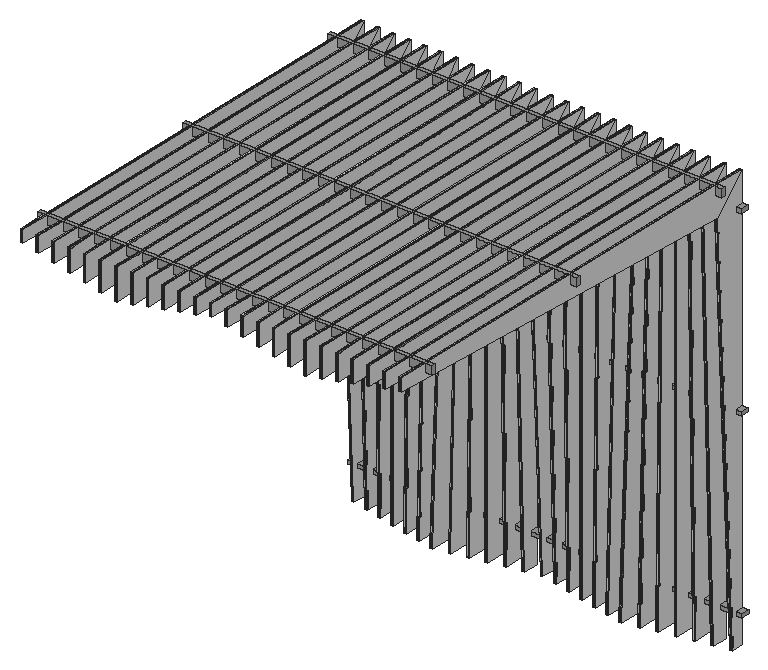
Revit family "SUR-BLD-003_BLADE SURFACES 003_RFA", category Modelos genéricos, Revit 2022
Family settings
  Puede alojar armadura = No
  Cota de conector redondo = Diámetro de uso
  Tipo de pieza = Normal
  Se basa en plano de trabajo = No
  Siempre vertical = Sí
  Corte con vacíos al cargar = No
  Mantener orientación de anotación = No
  Compartido = No
  Punto de cálculo de habitación = No
Parameters
  Elevación por defecto = 0.00"
Reference planes (in)
  plane 1 "Centro (Frontal/Posterior)": y = 0
  plane 2: z = 0
  plane 3 "Centro (Izquierda/Derecha)": x = 0
Forms (in)
  Extrusion 1, solid
    sketch origin (0, 0, 53.70472) x (0, 1, 0) y (0, 0, 1)
      loop
        line (-2.06, -46.19972) -> (0, -46.19972) -> (0, -45.20972) -> (-2.06, -45.20972) -> (-2.06, -46.19972)
    from -1.76378 to 98.23622
  Extrusion 2, solid
    sketch origin (-0.07912, 0, 99.70472) x (0, 1, 0) y (0, 0, 1)
      loop
        line (-2.06, -46.19972) -> (0, -46.19972) -> (0, -45.20972) -> (-2.06, -45.20972) -> (-2.06, -46.19972)
    from -1.68466 to 98.31534
  Extrusion 3, solid
    sketch origin (-0.1193, 0, 145.70472) x (0, 1, 0) y (0, 0, 1)
      loop
        line (-2.06, -46.19972) -> (0, -46.19972) -> (0, -45.20972) -> (-2.06, -45.20972) -> (-2.06, -46.19972)
    from -1.64567 to 98.35433
  Extrusion 4, solid
    sketch origin (0, 0, 54) x (0, 1, 0) y (0, 0, 1)
      loop
        line (-2.98633, -54) -> (0, -54) -> (0, -46.495) -> (-2.06, -46.495) -> (-2.06, -45.505) -> (0, -45.505) -> (0, -0.495) -> (-2.06, -0.495) -> (-2.06, 0.495) -> (0, 0.495) -> (0, 45.505) -> (-2.06, 45.505) -> (-2.06, 46.495) -> (0, 46.495) -> (0, 54) -> (-7.63295, 46.36705) -> (-2.98633, -54)
    from -0.11811 to 0
  Extrusion 5, solid
    sketch origin (0.59055, 0, 54) x (0, 1, 0) y (0, 0, 1)
      loop
        line (-2.98633, -54) -> (0, -54) -> (0, 54) -> (-7.63295, 46.36705) -> (-2.98633, -54)
    from -0.11811 to 0
  Extrusion 6, solid
    sketch origin (0, -13, 54) x (0, 1, 0) y (0, 0, 1)
      loop
        line (-95, 51) -> (5.35398, 46.35398) -> (13, 54) -> (5.495, 54) -> (5.495, 51.94) -> (4.505, 51.94) -> (4.505, 54) -> (-40.505, 54) -> (-40.505, 51.94) -> (-41.495, 51.94) -> (-41.495, 54) -> (-86.505, 54) -> (-86.505, 51.94) -> (-87.495, 51.94) -> (-87.495, 54) -> (-95, 54) -> (-95, 51)
    from -0.11811 to 0
  Extrusion 7, solid
    sketch origin (0.59055, -13, 54) x (0, 1, 0) y (0, 0, 1)
      loop
        line (-95, 51) -> (5.35398, 46.35398) -> (13, 54) -> (5.495, 54) -> (5.495, 51.94) -> (4.505, 51.94) -> (4.505, 54) -> (-40.505, 54) -> (-40.505, 51.94) -> (-41.495, 51.94) -> (-41.495, 54) -> (-86.505, 54) -> (-86.505, 51.94) -> (-87.495, 51.94) -> (-87.495, 54) -> (-95, 54) -> (-95, 51)
    from -0.11811 to 0
  Extrusion 8, solid
    sketch origin (0.47244, -13, 54) x (0, 1, 0) y (0, 0, 1)
      loop
        line (-95, 51) -> (5.35398, 46.35398) -> (13, 54) -> (5.495, 54) -> (5.495, 51.94) -> (4.505, 51.94) -> (4.505, 54) -> (-40.505, 54) -> (-40.505, 51.94) -> (-41.495, 51.94) -> (-41.495, 54) -> (-86.505, 54) -> (-86.505, 51.94) -> (-87.495, 51.94) -> (-87.495, 54) -> (-95, 54) -> (-95, 51)
    from -0.47244 to 0
  Extrusion 9, solid
    sketch origin (0.47244, 0, 54) x (0, 1, 0) y (0, 0, 1)
      loop
        line (-2.98633, -54) -> (0, -54) -> (0, -46.495) -> (-2.06, -46.495) -> (-2.06, -45.505) -> (0, -45.505) -> (0, -0.495) -> (-2.06, -0.495) -> (-2.06, 0.495) -> (0, 0.495) -> (0, 45.505) -> (-2.06, 45.505) -> (-2.06, 46.495) -> (0, 46.495) -> (0, 54) -> (-7.63295, 46.36705) -> (-2.98633, -54)
    from -0.47244 to 0
  Extrusion 10, solid
    sketch origin (4, 0, 54) x (0, 1, 0) y (0, 0, 1)
      loop
        line (-3.79987, -54) -> (0, -54) -> (0, -46.495) -> (-2.06, -46.495) -> (-2.06, -45.505) -> (0, -45.505) -> (0, -0.495) -> (-2.06, -0.495) -> (-2.06, 0.495) -> (0, 0.495) -> (0, 45.505) -> (-2.06, 45.505) -> (-2.06, 46.495) -> (0, 46.495) -> (0, 54) -> (-6.98036, 47.01964) -> (-3.79987, -54)
    from -0.11811 to 0
  Extrusion 11, solid
    sketch origin (4.47244, 0, 54) x (0, 1, 0) y (0, 0, 1)
      loop
        line (-3.79987, -54) -> (0, -54) -> (0, -46.495) -> (-2.06, -46.495) -> (-2.06, -45.505) -> (0, -45.505) -> (0, -0.495) -> (-2.06, -0.495) -> (-2.06, 0.495) -> (0, 0.495) -> (0, 45.505) -> (-2.06, 45.505) -> (-2.06, 46.495) -> (0, 46.495) -> (0, 54) -> (-6.98036, 47.01964) -> (-3.79987, -54)
    from -0.47244 to 0
  Extrusion 12, solid
    sketch origin (4.59055, 0, 54) x (0, 1, 0) y (0, 0, 1)
      loop
        line (-3.79987, -54) -> (0, -54) -> (0, -46.495) -> (-2.06, -46.495) -> (-2.06, -45.505) -> (0, -45.505) -> (0, -0.495) -> (-2.06, -0.495) -> (-2.06, 0.495) -> (0, 0.495) -> (0, 45.505) -> (-2.06, 45.505) -> (-2.06, 46.495) -> (0, 46.495) -> (0, 54) -> (-6.98036, 47.01964) -> (-3.79987, -54)
    from -0.11811 to 0
  Extrusion 13, solid
    sketch origin (4, -13, 54) x (0, 1, 0) y (0, 0, 1)
      loop
        line (-95, 50.20013) -> (6.01964, 47.01964) -> (13, 54) -> (5.495, 54) -> (5.495, 51.94) -> (4.505, 51.94) -> (4.505, 54) -> (-40.505, 54) -> (-40.505, 51.94) -> (-41.495, 51.94) -> (-41.495, 54) -> (-86.505, 54) -> (-86.505, 51.94) -> (-87.495, 51.94) -> (-87.495, 54) -> (-95, 54) -> (-95, 50.20013)
    from -0.11811 to 0
  Extrusion 14, solid
    sketch origin (4.59055, -13, 54) x (0, 1, 0) y (0, 0, 1)
      loop
        line (-95, 50.20013) -> (6.01964, 47.01964) -> (13, 54) -> (5.495, 54) -> (5.495, 51.94) -> (4.505, 51.94) -> (4.505, 54) -> (-40.505, 54) -> (-40.505, 51.94) -> (-41.495, 51.94) -> (-41.495, 54) -> (-86.505, 54) -> (-86.505, 51.94) -> (-87.495, 51.94) -> (-87.495, 54) -> (-95, 54) -> (-95, 50.20013)
    from -0.11811 to 0
  Extrusion 15, solid
    sketch origin (4.47244, -13, 54) x (0, 1, 0) y (0, 0, 1)
      loop
        line (-95, 50.20013) -> (6.01964, 47.01964) -> (13, 54) -> (5.495, 54) -> (5.495, 51.94) -> (4.505, 51.94) -> (4.505, 54) -> (-40.505, 54) -> (-40.505, 51.94) -> (-41.495, 51.94) -> (-41.495, 54) -> (-86.505, 54) -> (-86.505, 51.94) -> (-87.495, 51.94) -> (-87.495, 54) -> (-95, 54) -> (-95, 50.20013)
    from -0.47244 to 0
  Extrusion 16, solid
    sketch origin (8, 0, 54) x (0, 1, 0) y (0, 0, 1)
      loop
        line (-4.64993, -54) -> (0, -54) -> (0, -46.495) -> (-2.06, -46.495) -> (-2.06, -45.505) -> (0, -45.505) -> (0, -0.495) -> (-2.06, -0.495) -> (-2.06, 0.495) -> (0, 0.495) -> (0, 45.505) -> (-2.06, 45.505) -> (-2.06, 46.495) -> (0, 46.495) -> (0, 54) -> (-6.25165, 47.74835) -> (-4.64993, -54)
    from -0.11811 to 0
  Extrusion 17, solid
    sketch origin (8.47244, 0, 54) x (0, 1, 0) y (0, 0, 1)
      loop
        line (-4.64993, -54) -> (0, -54) -> (0, -46.495) -> (-2.06, -46.495) -> (-2.06, -45.505) -> (0, -45.505) -> (0, -0.495) -> (-2.06, -0.495) -> (-2.06, 0.495) -> (0, 0.495) -> (0, 45.505) -> (-2.06, 45.505) -> (-2.06, 46.495) -> (0, 46.495) -> (0, 54) -> (-6.25165, 47.74835) -> (-4.64993, -54)
    from -0.47244 to 0
  Extrusion 18, solid
    sketch origin (8.59055, 0, 54) x (0, 1, 0) y (0, 0, 1)
      loop
        line (-4.64993, -54) -> (0, -54) -> (0, -46.495) -> (-2.06, -46.495) -> (-2.06, -45.505) -> (0, -45.505) -> (0, -0.495) -> (-2.06, -0.495) -> (-2.06, 0.495) -> (0, 0.495) -> (0, 45.505) -> (-2.06, 45.505) -> (-2.06, 46.495) -> (0, 46.495) -> (0, 54) -> (-6.25165, 47.74835) -> (-4.64993, -54)
    from -0.11811 to 0
  Extrusion 19, solid
    sketch origin (8, -13, 54) x (0, 1, 0) y (0, 0, 1)
      loop
        line (-95, 49.35007) -> (6.74835, 47.74835) -> (13, 54) -> (5.495, 54) -> (5.495, 51.94) -> (4.505, 51.94) -> (4.505, 54) -> (-40.505, 54) -> (-40.505, 51.94) -> (-41.495, 51.94) -> (-41.495, 54) -> (-86.505, 54) -> (-86.505, 51.94) -> (-87.495, 51.94) -> (-87.495, 54) -> (-95, 54) -> (-95, 49.35007)
    from -0.11811 to 0
  Extrusion 20, solid
    sketch origin (8.59055, -13, 54) x (0, 1, 0) y (0, 0, 1)
      loop
        line (-95, 49.35007) -> (6.74835, 47.74835) -> (13, 54) -> (5.495, 54) -> (5.495, 51.94) -> (4.505, 51.94) -> (4.505, 54) -> (-40.505, 54) -> (-40.505, 51.94) -> (-41.495, 51.94) -> (-41.495, 54) -> (-86.505, 54) -> (-86.505, 51.94) -> (-87.495, 51.94) -> (-87.495, 54) -> (-95, 54) -> (-95, 49.35007)
    from -0.11811 to 0
  Extrusion 21, solid
    sketch origin (8.47244, -13, 54) x (0, 1, 0) y (0, 0, 1)
      loop
        line (-95, 49.35007) -> (6.74835, 47.74835) -> (13, 54) -> (5.495, 54) -> (5.495, 51.94) -> (4.505, 51.94) -> (4.505, 54) -> (-40.505, 54) -> (-40.505, 51.94) -> (-41.495, 51.94) -> (-41.495, 54) -> (-86.505, 54) -> (-86.505, 51.94) -> (-87.495, 51.94) -> (-87.495, 54) -> (-95, 54) -> (-95, 49.35007)
    from -0.47244 to 0
  Extrusion 22, solid
    sketch origin (12, 0, 54) x (0, 1, 0) y (0, 0, 1)
      loop
        line (-5.5, -54) -> (0, -54) -> (0, -46.495) -> (-2.06, -46.495) -> (-2.06, -45.505) -> (0, -45.505) -> (0, -0.495) -> (-2.06, -0.495) -> (-2.06, 0.495) -> (0, 0.495) -> (0, 45.505) -> (-2.06, 45.505) -> (-2.06, 46.495) -> (0, 46.495) -> (0, 54) -> (-5.5, 48.5) -> (-5.5, -54)
    from -0.11811 to 0
  Extrusion 23, solid
    sketch origin (12.47244, 0, 54) x (0, 1, 0) y (0, 0, 1)
      loop
        line (-5.5, -54) -> (0, -54) -> (0, -46.495) -> (-2.06, -46.495) -> (-2.06, -45.505) -> (0, -45.505) -> (0, -0.495) -> (-2.06, -0.495) -> (-2.06, 0.495) -> (0, 0.495) -> (0, 45.505) -> (-2.06, 45.505) -> (-2.06, 46.495) -> (0, 46.495) -> (0, 54) -> (-5.5, 48.5) -> (-5.5, -54)
    from -0.47244 to 0
  Extrusion 24, solid
    sketch origin (12.59055, 0, 54) x (0, 1, 0) y (0, 0, 1)
      loop
        line (-5.5, -54) -> (0, -54) -> (0, -46.495) -> (-2.06, -46.495) -> (-2.06, -45.505) -> (0, -45.505) -> (0, -0.495) -> (-2.06, -0.495) -> (-2.06, 0.495) -> (0, 0.495) -> (0, 45.505) -> (-2.06, 45.505) -> (-2.06, 46.495) -> (0, 46.495) -> (0, 54) -> (-5.5, 48.5) -> (-5.5, -54)
    from -0.11811 to 0
  Extrusion 25, solid
    sketch origin (12, -13, 54) x (0, 1, 0) y (0, 0, 1)
      loop
        line (-95, 48.5) -> (7.5, 48.5) -> (13, 54) -> (5.495, 54) -> (5.495, 51.94) -> (4.505, 51.94) -> (4.505, 54) -> (-40.505, 54) -> (-40.505, 51.94) -> (-41.495, 51.94) -> (-41.495, 54) -> (-86.505, 54) -> (-86.505, 51.94) -> (-87.495, 51.94) -> (-87.495, 54) -> (-95, 54) -> (-95, 48.5)
    from -0.11811 to 0
  Extrusion 26, solid
    sketch origin (12.59055, -13, 54) x (0, 1, 0) y (0, 0, 1)
      loop
        line (-95, 48.5) -> (7.5, 48.5) -> (13, 54) -> (5.495, 54) -> (5.495, 51.94) -> (4.505, 51.94) -> (4.505, 54) -> (-40.505, 54) -> (-40.505, 51.94) -> (-41.495, 51.94) -> (-41.495, 54) -> (-86.505, 54) -> (-86.505, 51.94) -> (-87.495, 51.94) -> (-87.495, 54) -> (-95, 54) -> (-95, 48.5)
    from -0.11811 to 0
  Extrusion 27, solid
    sketch origin (12.47244, -13, 54) x (0, 1, 0) y (0, 0, 1)
      loop
        line (-95, 48.5) -> (7.5, 48.5) -> (13, 54) -> (5.495, 54) -> (5.495, 51.94) -> (4.505, 51.94) -> (4.505, 54) -> (-40.505, 54) -> (-40.505, 51.94) -> (-41.495, 51.94) -> (-41.495, 54) -> (-86.505, 54) -> (-86.505, 51.94) -> (-87.495, 51.94) -> (-87.495, 54) -> (-95, 54) -> (-95, 48.5)
    from -0.47244 to 0
  Extrusion 28, solid
    sketch origin (16, 0, 54) x (0, 1, 0) y (0, 0, 1)
      loop
        line (-6.35007, -54) -> (0, -54) -> (0, -46.495) -> (-2.06, -46.495) -> (-2.06, -45.505) -> (0, -45.505) -> (0, -0.495) -> (-2.06, -0.495) -> (-2.06, 0.495) -> (0, 0.495) -> (0, 45.505) -> (-2.06, 45.505) -> (-2.06, 46.495) -> (0, 46.495) -> (0, 54) -> (-4.7243, 49.2757) -> (-6.35007, -54)
    from -0.11811 to 0
  Extrusion 29, solid
    sketch origin (16.47244, 0, 54) x (0, 1, 0) y (0, 0, 1)
      loop
        line (-6.35007, -54) -> (0, -54) -> (0, -46.495) -> (-2.06, -46.495) -> (-2.06, -45.505) -> (0, -45.505) -> (0, -0.495) -> (-2.06, -0.495) -> (-2.06, 0.495) -> (0, 0.495) -> (0, 45.505) -> (-2.06, 45.505) -> (-2.06, 46.495) -> (0, 46.495) -> (0, 54) -> (-4.7243, 49.2757) -> (-6.35007, -54)
    from -0.47244 to 0
  Extrusion 30, solid
    sketch origin (16.59055, 0, 54) x (0, 1, 0) y (0, 0, 1)
      loop
        line (-6.35007, -54) -> (0, -54) -> (0, -46.495) -> (-2.06, -46.495) -> (-2.06, -45.505) -> (0, -45.505) -> (0, -0.495) -> (-2.06, -0.495) -> (-2.06, 0.495) -> (0, 0.495) -> (0, 45.505) -> (-2.06, 45.505) -> (-2.06, 46.495) -> (0, 46.495) -> (0, 54) -> (-4.7243, 49.2757) -> (-6.35007, -54)
    from -0.11811 to 0
  Extrusion 31, solid
    sketch origin (16, -13, 54) x (0, 1, 0) y (0, 0, 1)
      loop
        line (-95, 47.64993) -> (8.2757, 49.2757) -> (13, 54) -> (5.495, 54) -> (5.495, 51.94) -> (4.505, 51.94) -> (4.505, 54) -> (-40.505, 54) -> (-40.505, 51.94) -> (-41.495, 51.94) -> (-41.495, 54) -> (-86.505, 54) -> (-86.505, 51.94) -> (-87.495, 51.94) -> (-87.495, 54) -> (-95, 54) -> (-95, 47.64993)
    from -0.11811 to 0
  Extrusion 32, solid
    sketch origin (16.59055, -13, 54) x (0, 1, 0) y (0, 0, 1)
      loop
        line (-95, 47.64993) -> (8.2757, 49.2757) -> (13, 54) -> (5.495, 54) -> (5.495, 51.94) -> (4.505, 51.94) -> (4.505, 54) -> (-40.505, 54) -> (-40.505, 51.94) -> (-41.495, 51.94) -> (-41.495, 54) -> (-86.505, 54) -> (-86.505, 51.94) -> (-87.495, 51.94) -> (-87.495, 54) -> (-95, 54) -> (-95, 47.64993)
    from -0.11811 to 0
  Extrusion 33, solid
    sketch origin (16.47244, -13, 54) x (0, 1, 0) y (0, 0, 1)
      loop
        line (-95, 47.64993) -> (8.2757, 49.2757) -> (13, 54) -> (5.495, 54) -> (5.495, 51.94) -> (4.505, 51.94) -> (4.505, 54) -> (-40.505, 54) -> (-40.505, 51.94) -> (-41.495, 51.94) -> (-41.495, 54) -> (-86.505, 54) -> (-86.505, 51.94) -> (-87.495, 51.94) -> (-87.495, 54) -> (-95, 54) -> (-95, 47.64993)
    from -0.47244 to 0
  Extrusion 34, solid
    sketch origin (20, 0, 54) x (0, 1, 0) y (0, 0, 1)
      loop
        line (-7.20013, -54) -> (0, -54) -> (0, -46.495) -> (-2.06, -46.495) -> (-2.06, -45.505) -> (0, -45.505) -> (0, -0.495) -> (-2.06, -0.495) -> (-2.06, 0.495) -> (0, 0.495) -> (0, 45.505) -> (-2.06, 45.505) -> (-2.06, 46.495) -> (0, 46.495) -> (0, 54) -> (-3.92339, 50.07661) -> (-7.20013, -54)
    from -0.11811 to 0
  Extrusion 35, solid
    sketch origin (20.47244, 0, 54) x (0, 1, 0) y (0, 0, 1)
      loop
        line (-7.20013, -54) -> (0, -54) -> (0, -46.495) -> (-2.06, -46.495) -> (-2.06, -45.505) -> (0, -45.505) -> (0, -0.495) -> (-2.06, -0.495) -> (-2.06, 0.495) -> (0, 0.495) -> (0, 45.505) -> (-2.06, 45.505) -> (-2.06, 46.495) -> (0, 46.495) -> (0, 54) -> (-3.92339, 50.07661) -> (-7.20013, -54)
    from -0.47244 to 0
  Extrusion 36, solid
    sketch origin (20.59055, 0, 54) x (0, 1, 0) y (0, 0, 1)
      loop
        line (-7.20013, -54) -> (0, -54) -> (0, -46.495) -> (-2.06, -46.495) -> (-2.06, -45.505) -> (0, -45.505) -> (0, -0.495) -> (-2.06, -0.495) -> (-2.06, 0.495) -> (0, 0.495) -> (0, 45.505) -> (-2.06, 45.505) -> (-2.06, 46.495) -> (0, 46.495) -> (0, 54) -> (-3.92339, 50.07661) -> (-7.20013, -54)
    from -0.11811 to 0
  Extrusion 37, solid
    sketch origin (20, -13, 54) x (0, 1, 0) y (0, 0, 1)
      loop
        line (-95, 46.79987) -> (9.07661, 50.07661) -> (13, 54) -> (5.495, 54) -> (5.495, 51.94) -> (4.505, 51.94) -> (4.505, 54) -> (-40.505, 54) -> (-40.505, 51.94) -> (-41.495, 51.94) -> (-41.495, 54) -> (-86.505, 54) -> (-86.505, 51.94) -> (-87.495, 51.94) -> (-87.495, 54) -> (-95, 54) -> (-95, 46.79987)
    from -0.11811 to 0
  Extrusion 38, solid
    sketch origin (20.59055, -13, 54) x (0, 1, 0) y (0, 0, 1)
      loop
        line (-95, 46.79987) -> (9.07661, 50.07661) -> (13, 54) -> (5.495, 54) -> (5.495, 51.94) -> (4.505, 51.94) -> (4.505, 54) -> (-40.505, 54) -> (-40.505, 51.94) -> (-41.495, 51.94) -> (-41.495, 54) -> (-86.505, 54) -> (-86.505, 51.94) -> (-87.495, 51.94) -> (-87.495, 54) -> (-95, 54) -> (-95, 46.79987)
    from -0.11811 to 0
  Extrusion 39, solid
    sketch origin (20.47244, -13, 54) x (0, 1, 0) y (0, 0, 1)
      loop
        line (-95, 46.79987) -> (9.07661, 50.07661) -> (13, 54) -> (5.495, 54) -> (5.495, 51.94) -> (4.505, 51.94) -> (4.505, 54) -> (-40.505, 54) -> (-40.505, 51.94) -> (-41.495, 51.94) -> (-41.495, 54) -> (-86.505, 54) -> (-86.505, 51.94) -> (-87.495, 51.94) -> (-87.495, 54) -> (-95, 54) -> (-95, 46.79987)
    from -0.47244 to 0
  Extrusion 40, solid
    sketch origin (24, 0, 54) x (0, 1, 0) y (0, 0, 1)
      loop
        line (-8, -54) -> (0, -54) -> (0, -46.495) -> (-2.06, -46.495) -> (-2.06, -45.505) -> (0, -45.505) -> (0, -0.495) -> (-2.06, -0.495) -> (-2.06, 0.495) -> (0, 0.495) -> (0, 45.505) -> (-2.06, 45.505) -> (-2.06, 46.495) -> (0, 46.495) -> (0, 54) -> (-3.14563, 50.85437) -> (-8, -54)
    from -0.11811 to 0
  Extrusion 41, solid
    sketch origin (24.47244, 0, 54) x (0, 1, 0) y (0, 0, 1)
      loop
        line (-8, -54) -> (0, -54) -> (0, -46.495) -> (-2.06, -46.495) -> (-2.06, -45.505) -> (0, -45.505) -> (0, -0.495) -> (-2.06, -0.495) -> (-2.06, 0.495) -> (0, 0.495) -> (0, 45.505) -> (-2.06, 45.505) -> (-2.06, 46.495) -> (0, 46.495) -> (0, 54) -> (-3.14563, 50.85437) -> (-8, -54)
    from -0.47244 to 0
  Extrusion 42, solid
    sketch origin (24.59055, 0, 54) x (0, 1, 0) y (0, 0, 1)
      loop
        line (-8, -54) -> (0, -54) -> (0, -46.495) -> (-2.06, -46.495) -> (-2.06, -45.505) -> (0, -45.505) -> (0, -0.495) -> (-2.06, -0.495) -> (-2.06, 0.495) -> (0, 0.495) -> (0, 45.505) -> (-2.06, 45.505) -> (-2.06, 46.495) -> (0, 46.495) -> (0, 54) -> (-3.14563, 50.85437) -> (-8, -54)
    from -0.11811 to 0
  Extrusion 43, solid
    sketch origin (24, -13, 54) x (0, 1, 0) y (0, 0, 1)
      loop
        line (-95, 46) -> (9.85437, 50.85437) -> (13, 54) -> (5.495, 54) -> (5.495, 51.94) -> (4.505, 51.94) -> (4.505, 54) -> (-40.505, 54) -> (-40.505, 51.94) -> (-41.495, 51.94) -> (-41.495, 54) -> (-86.505, 54) -> (-86.505, 51.94) -> (-87.495, 51.94) -> (-87.495, 54) -> (-95, 54) -> (-95, 46)
    from -0.11811 to 0
  Extrusion 44, solid
    sketch origin (24.59055, -13, 54) x (0, 1, 0) y (0, 0, 1)
      loop
        line (-95, 46) -> (9.85437, 50.85437) -> (13, 54) -> (5.495, 54) -> (5.495, 51.94) -> (4.505, 51.94) -> (4.505, 54) -> (-40.505, 54) -> (-40.505, 51.94) -> (-41.495, 51.94) -> (-41.495, 54) -> (-86.505, 54) -> (-86.505, 51.94) -> (-87.495, 51.94) -> (-87.495, 54) -> (-95, 54) -> (-95, 46)
    from -0.11811 to 0
  Extrusion 45, solid
    sketch origin (24.47244, -13, 54) x (0, 1, 0) y (0, 0, 1)
      loop
        line (-95, 46) -> (9.85437, 50.85437) -> (13, 54) -> (5.495, 54) -> (5.495, 51.94) -> (4.505, 51.94) -> (4.505, 54) -> (-40.505, 54) -> (-40.505, 51.94) -> (-41.495, 51.94) -> (-41.495, 54) -> (-86.505, 54) -> (-86.505, 51.94) -> (-87.495, 51.94) -> (-87.495, 54) -> (-95, 54) -> (-95, 46)
    from -0.47244 to 0
  Extrusion 46, solid, not visible
    sketch origin (0, -13, 54) x (0, 1, 0) y (0, 0, 1)
      loop
        line (-95, 51) -> (5.35398, 46.35398) -> (13, 54) -> (5.495, 54) -> (5.495, 51.94) -> (4.505, 51.94) -> (4.505, 54) -> (-40.505, 54) -> (-40.505, 51.94) -> (-41.495, 51.94) -> (-41.495, 54) -> (-86.505, 54) -> (-86.505, 51.94) -> (-87.495, 51.94) -> (-87.495, 54) -> (-95, 54) -> (-95, 51)
    from -0.11811 to 0
  Extrusion 47, solid, not visible
    sketch origin (0.59055, -13, 54) x (0, 1, 0) y (0, 0, 1)
      loop
        line (-95, 51) -> (5.35398, 46.35398) -> (13, 54) -> (5.495, 54) -> (5.495, 51.94) -> (4.505, 51.94) -> (4.505, 54) -> (-40.505, 54) -> (-40.505, 51.94) -> (-41.495, 51.94) -> (-41.495, 54) -> (-86.505, 54) -> (-86.505, 51.94) -> (-87.495, 51.94) -> (-87.495, 54) -> (-95, 54) -> (-95, 51)
    from -0.11811 to 0
  Extrusion 48, solid, not visible
    sketch origin (0.47244, -13, 54) x (0, 1, 0) y (0, 0, 1)
      loop
        line (-95, 51) -> (5.35398, 46.35398) -> (13, 54) -> (5.495, 54) -> (5.495, 51.94) -> (4.505, 51.94) -> (4.505, 54) -> (-40.505, 54) -> (-40.505, 51.94) -> (-41.495, 51.94) -> (-41.495, 54) -> (-86.505, 54) -> (-86.505, 51.94) -> (-87.495, 51.94) -> (-87.495, 54) -> (-95, 54) -> (-95, 51)
    from -0.47244 to 0
  Extrusion 49, solid, not visible
    sketch origin (0, 0, 54) x (0, 1, 0) y (0, 0, 1)
      loop
        line (-2.98633, -54) -> (0, -54) -> (0, -46.495) -> (-2.06, -46.495) -> (-2.06, -45.505) -> (0, -45.505) -> (0, -0.495) -> (-2.06, -0.495) -> (-2.06, 0.495) -> (0, 0.495) -> (0, 45.505) -> (-2.06, 45.505) -> (-2.06, 46.495) -> (0, 46.495) -> (0, 54) -> (-7.63295, 46.36705) -> (-2.98633, -54)
    from -0.11811 to 0
  Extrusion 50, solid, not visible
    sketch origin (0.59055, 0, 54) x (0, 1, 0) y (0, 0, 1)
      loop
        line (-2.98633, -54) -> (0, -54) -> (0, 54) -> (-7.63295, 46.36705) -> (-2.98633, -54)
    from -0.11811 to 0
  Extrusion 51, solid, not visible
    sketch origin (0.47244, 0, 54) x (0, 1, 0) y (0, 0, 1)
      loop
        line (-2.98633, -54) -> (0, -54) -> (0, -46.495) -> (-2.06, -46.495) -> (-2.06, -45.505) -> (0, -45.505) -> (0, -0.495) -> (-2.06, -0.495) -> (-2.06, 0.495) -> (0, 0.495) -> (0, 45.505) -> (-2.06, 45.505) -> (-2.06, 46.495) -> (0, 46.495) -> (0, 54) -> (-7.63295, 46.36705) -> (-2.98633, -54)
    from -0.47244 to 0
  Extrusion 52, solid, not visible
    sketch origin (4, -13, 54) x (0, 1, 0) y (0, 0, 1)
      loop
        line (-95, 50.20013) -> (6.01964, 47.01964) -> (13, 54) -> (5.495, 54) -> (5.495, 51.94) -> (4.505, 51.94) -> (4.505, 54) -> (-40.505, 54) -> (-40.505, 51.94) -> (-41.495, 51.94) -> (-41.495, 54) -> (-86.505, 54) -> (-86.505, 51.94) -> (-87.495, 51.94) -> (-87.495, 54) -> (-95, 54) -> (-95, 50.20013)
    from -0.11811 to 0
  Extrusion 53, solid, not visible
    sketch origin (4.59055, -13, 54) x (0, 1, 0) y (0, 0, 1)
      loop
        line (-95, 50.20013) -> (6.01964, 47.01964) -> (13, 54) -> (5.495, 54) -> (5.495, 51.94) -> (4.505, 51.94) -> (4.505, 54) -> (-40.505, 54) -> (-40.505, 51.94) -> (-41.495, 51.94) -> (-41.495, 54) -> (-86.505, 54) -> (-86.505, 51.94) -> (-87.495, 51.94) -> (-87.495, 54) -> (-95, 54) -> (-95, 50.20013)
    from -0.11811 to 0
  Extrusion 54, solid, not visible
    sketch origin (4.47244, -13, 54) x (0, 1, 0) y (0, 0, 1)
      loop
        line (-95, 50.20013) -> (6.01964, 47.01964) -> (13, 54) -> (5.495, 54) -> (5.495, 51.94) -> (4.505, 51.94) -> (4.505, 54) -> (-40.505, 54) -> (-40.505, 51.94) -> (-41.495, 51.94) -> (-41.495, 54) -> (-86.505, 54) -> (-86.505, 51.94) -> (-87.495, 51.94) -> (-87.495, 54) -> (-95, 54) -> (-95, 50.20013)
    from -0.47244 to 0
  Extrusion 55, solid, not visible
    sketch origin (4, 0, 54) x (0, 1, 0) y (0, 0, 1)
      loop
        line (-3.79987, -54) -> (0, -54) -> (0, -46.495) -> (-2.06, -46.495) -> (-2.06, -45.505) -> (0, -45.505) -> (0, -0.495) -> (-2.06, -0.495) -> (-2.06, 0.495) -> (0, 0.495) -> (0, 45.505) -> (-2.06, 45.505) -> (-2.06, 46.495) -> (0, 46.495) -> (0, 54) -> (-6.98036, 47.01964) -> (-3.79987, -54)
    from -0.11811 to 0
  Extrusion 56, solid, not visible
    sketch origin (4.47244, 0, 54) x (0, 1, 0) y (0, 0, 1)
      loop
        line (-3.79987, -54) -> (0, -54) -> (0, -46.495) -> (-2.06, -46.495) -> (-2.06, -45.505) -> (0, -45.505) -> (0, -0.495) -> (-2.06, -0.495) -> (-2.06, 0.495) -> (0, 0.495) -> (0, 45.505) -> (-2.06, 45.505) -> (-2.06, 46.495) -> (0, 46.495) -> (0, 54) -> (-6.98036, 47.01964) -> (-3.79987, -54)
    from -0.47244 to 0
  Extrusion 57, solid, not visible
    sketch origin (4.59055, 0, 54) x (0, 1, 0) y (0, 0, 1)
      loop
        line (-3.79987, -54) -> (0, -54) -> (0, -46.495) -> (-2.06, -46.495) -> (-2.06, -45.505) -> (0, -45.505) -> (0, -0.495) -> (-2.06, -0.495) -> (-2.06, 0.495) -> (0, 0.495) -> (0, 45.505) -> (-2.06, 45.505) -> (-2.06, 46.495) -> (0, 46.495) -> (0, 54) -> (-6.98036, 47.01964) -> (-3.79987, -54)
    from -0.11811 to 0
  Extrusion 58, solid, not visible
    sketch origin (8, -13, 54) x (0, 1, 0) y (0, 0, 1)
      loop
        line (-95, 49.35007) -> (6.74835, 47.74835) -> (13, 54) -> (5.495, 54) -> (5.495, 51.94) -> (4.505, 51.94) -> (4.505, 54) -> (-40.505, 54) -> (-40.505, 51.94) -> (-41.495, 51.94) -> (-41.495, 54) -> (-86.505, 54) -> (-86.505, 51.94) -> (-87.495, 51.94) -> (-87.495, 54) -> (-95, 54) -> (-95, 49.35007)
    from -0.11811 to 0
  Extrusion 59, solid, not visible
    sketch origin (8.59055, -13, 54) x (0, 1, 0) y (0, 0, 1)
      loop
        line (-95, 49.35007) -> (6.74835, 47.74835) -> (13, 54) -> (5.495, 54) -> (5.495, 51.94) -> (4.505, 51.94) -> (4.505, 54) -> (-40.505, 54) -> (-40.505, 51.94) -> (-41.495, 51.94) -> (-41.495, 54) -> (-86.505, 54) -> (-86.505, 51.94) -> (-87.495, 51.94) -> (-87.495, 54) -> (-95, 54) -> (-95, 49.35007)
    from -0.11811 to 0
  Extrusion 60, solid, not visible
    sketch origin (8.47244, -13, 54) x (0, 1, 0) y (0, 0, 1)
      loop
        line (-95, 49.35007) -> (6.74835, 47.74835) -> (13, 54) -> (5.495, 54) -> (5.495, 51.94) -> (4.505, 51.94) -> (4.505, 54) -> (-40.505, 54) -> (-40.505, 51.94) -> (-41.495, 51.94) -> (-41.495, 54) -> (-86.505, 54) -> (-86.505, 51.94) -> (-87.495, 51.94) -> (-87.495, 54) -> (-95, 54) -> (-95, 49.35007)
    from -0.47244 to 0
  Extrusion 61, solid, not visible
    sketch origin (8, 0, 54) x (0, 1, 0) y (0, 0, 1)
      loop
        line (-4.64993, -54) -> (0, -54) -> (0, -46.495) -> (-2.06, -46.495) -> (-2.06, -45.505) -> (0, -45.505) -> (0, -0.495) -> (-2.06, -0.495) -> (-2.06, 0.495) -> (0, 0.495) -> (0, 45.505) -> (-2.06, 45.505) -> (-2.06, 46.495) -> (0, 46.495) -> (0, 54) -> (-6.25165, 47.74835) -> (-4.64993, -54)
    from -0.11811 to 0
  Extrusion 62, solid, not visible
    sketch origin (8.47244, 0, 54) x (0, 1, 0) y (0, 0, 1)
      loop
        line (-4.64993, -54) -> (0, -54) -> (0, -46.495) -> (-2.06, -46.495) -> (-2.06, -45.505) -> (0, -45.505) -> (0, -0.495) -> (-2.06, -0.495) -> (-2.06, 0.495) -> (0, 0.495) -> (0, 45.505) -> (-2.06, 45.505) -> (-2.06, 46.495) -> (0, 46.495) -> (0, 54) -> (-6.25165, 47.74835) -> (-4.64993, -54)
    from -0.47244 to 0
  Extrusion 63, solid, not visible
    sketch origin (8.59055, 0, 54) x (0, 1, 0) y (0, 0, 1)
      loop
        line (-4.64993, -54) -> (0, -54) -> (0, -46.495) -> (-2.06, -46.495) -> (-2.06, -45.505) -> (0, -45.505) -> (0, -0.495) -> (-2.06, -0.495) -> (-2.06, 0.495) -> (0, 0.495) -> (0, 45.505) -> (-2.06, 45.505) -> (-2.06, 46.495) -> (0, 46.495) -> (0, 54) -> (-6.25165, 47.74835) -> (-4.64993, -54)
    from -0.11811 to 0
  Extrusion 64, solid, not visible
    sketch origin (12, -13, 54) x (0, 1, 0) y (0, 0, 1)
      loop
        line (-95, 48.5) -> (7.5, 48.5) -> (13, 54) -> (5.495, 54) -> (5.495, 51.94) -> (4.505, 51.94) -> (4.505, 54) -> (-40.505, 54) -> (-40.505, 51.94) -> (-41.495, 51.94) -> (-41.495, 54) -> (-86.505, 54) -> (-86.505, 51.94) -> (-87.495, 51.94) -> (-87.495, 54) -> (-95, 54) -> (-95, 48.5)
    from -0.11811 to 0
  Extrusion 65, solid, not visible
    sketch origin (12.59055, -13, 54) x (0, 1, 0) y (0, 0, 1)
      loop
        line (-95, 48.5) -> (7.5, 48.5) -> (13, 54) -> (5.495, 54) -> (5.495, 51.94) -> (4.505, 51.94) -> (4.505, 54) -> (-40.505, 54) -> (-40.505, 51.94) -> (-41.495, 51.94) -> (-41.495, 54) -> (-86.505, 54) -> (-86.505, 51.94) -> (-87.495, 51.94) -> (-87.495, 54) -> (-95, 54) -> (-95, 48.5)
    from -0.11811 to 0
  Extrusion 66, solid, not visible
    sketch origin (12.47244, -13, 54) x (0, 1, 0) y (0, 0, 1)
      loop
        line (-95, 48.5) -> (7.5, 48.5) -> (13, 54) -> (5.495, 54) -> (5.495, 51.94) -> (4.505, 51.94) -> (4.505, 54) -> (-40.505, 54) -> (-40.505, 51.94) -> (-41.495, 51.94) -> (-41.495, 54) -> (-86.505, 54) -> (-86.505, 51.94) -> (-87.495, 51.94) -> (-87.495, 54) -> (-95, 54) -> (-95, 48.5)
    from -0.47244 to 0
  Extrusion 67, solid, not visible
    sketch origin (12, 0, 54) x (0, 1, 0) y (0, 0, 1)
      loop
        line (-5.5, -54) -> (0, -54) -> (0, -46.495) -> (-2.06, -46.495) -> (-2.06, -45.505) -> (0, -45.505) -> (0, -0.495) -> (-2.06, -0.495) -> (-2.06, 0.495) -> (0, 0.495) -> (0, 45.505) -> (-2.06, 45.505) -> (-2.06, 46.495) -> (0, 46.495) -> (0, 54) -> (-5.5, 48.5) -> (-5.5, -54)
    from -0.11811 to 0
  Extrusion 68, solid, not visible
    sketch origin (12.47244, 0, 54) x (0, 1, 0) y (0, 0, 1)
      loop
        line (-5.5, -54) -> (0, -54) -> (0, -46.495) -> (-2.06, -46.495) -> (-2.06, -45.505) -> (0, -45.505) -> (0, -0.495) -> (-2.06, -0.495) -> (-2.06, 0.495) -> (0, 0.495) -> (0, 45.505) -> (-2.06, 45.505) -> (-2.06, 46.495) -> (0, 46.495) -> (0, 54) -> (-5.5, 48.5) -> (-5.5, -54)
    from -0.47244 to 0
  Extrusion 69, solid, not visible
    sketch origin (12.59055, 0, 54) x (0, 1, 0) y (0, 0, 1)
      loop
        line (-5.5, -54) -> (0, -54) -> (0, -46.495) -> (-2.06, -46.495) -> (-2.06, -45.505) -> (0, -45.505) -> (0, -0.495) -> (-2.06, -0.495) -> (-2.06, 0.495) -> (0, 0.495) -> (0, 45.505) -> (-2.06, 45.505) -> (-2.06, 46.495) -> (0, 46.495) -> (0, 54) -> (-5.5, 48.5) -> (-5.5, -54)
    from -0.11811 to 0
  Extrusion 70, solid, not visible
    sketch origin (16, -13, 54) x (0, 1, 0) y (0, 0, 1)
      loop
        line (-95, 47.64993) -> (8.2757, 49.2757) -> (13, 54) -> (5.495, 54) -> (5.495, 51.94) -> (4.505, 51.94) -> (4.505, 54) -> (-40.505, 54) -> (-40.505, 51.94) -> (-41.495, 51.94) -> (-41.495, 54) -> (-86.505, 54) -> (-86.505, 51.94) -> (-87.495, 51.94) -> (-87.495, 54) -> (-95, 54) -> (-95, 47.64993)
    from -0.11811 to 0
  Extrusion 71, solid, not visible
    sketch origin (16.59055, -13, 54) x (0, 1, 0) y (0, 0, 1)
      loop
        line (-95, 47.64993) -> (8.2757, 49.2757) -> (13, 54) -> (5.495, 54) -> (5.495, 51.94) -> (4.505, 51.94) -> (4.505, 54) -> (-40.505, 54) -> (-40.505, 51.94) -> (-41.495, 51.94) -> (-41.495, 54) -> (-86.505, 54) -> (-86.505, 51.94) -> (-87.495, 51.94) -> (-87.495, 54) -> (-95, 54) -> (-95, 47.64993)
    from -0.11811 to 0
  Extrusion 72, solid, not visible
    sketch origin (16.47244, -13, 54) x (0, 1, 0) y (0, 0, 1)
      loop
        line (-95, 47.64993) -> (8.2757, 49.2757) -> (13, 54) -> (5.495, 54) -> (5.495, 51.94) -> (4.505, 51.94) -> (4.505, 54) -> (-40.505, 54) -> (-40.505, 51.94) -> (-41.495, 51.94) -> (-41.495, 54) -> (-86.505, 54) -> (-86.505, 51.94) -> (-87.495, 51.94) -> (-87.495, 54) -> (-95, 54) -> (-95, 47.64993)
    from -0.47244 to 0
  Extrusion 73, solid, not visible
    sketch origin (16, 0, 54) x (0, 1, 0) y (0, 0, 1)
      loop
        line (-6.35007, -54) -> (0, -54) -> (0, -46.495) -> (-2.06, -46.495) -> (-2.06, -45.505) -> (0, -45.505) -> (0, -0.495) -> (-2.06, -0.495) -> (-2.06, 0.495) -> (0, 0.495) -> (0, 45.505) -> (-2.06, 45.505) -> (-2.06, 46.495) -> (0, 46.495) -> (0, 54) -> (-4.7243, 49.2757) -> (-6.35007, -54)
    from -0.11811 to 0
  Extrusion 74, solid, not visible
    sketch origin (16.47244, 0, 54) x (0, 1, 0) y (0, 0, 1)
      loop
        line (-6.35007, -54) -> (0, -54) -> (0, -46.495) -> (-2.06, -46.495) -> (-2.06, -45.505) -> (0, -45.505) -> (0, -0.495) -> (-2.06, -0.495) -> (-2.06, 0.495) -> (0, 0.495) -> (0, 45.505) -> (-2.06, 45.505) -> (-2.06, 46.495) -> (0, 46.495) -> (0, 54) -> (-4.7243, 49.2757) -> (-6.35007, -54)
    from -0.47244 to 0
  Extrusion 75, solid, not visible
    sketch origin (16.59055, 0, 54) x (0, 1, 0) y (0, 0, 1)
      loop
        line (-6.35007, -54) -> (0, -54) -> (0, -46.495) -> (-2.06, -46.495) -> (-2.06, -45.505) -> (0, -45.505) -> (0, -0.495) -> (-2.06, -0.495) -> (-2.06, 0.495) -> (0, 0.495) -> (0, 45.505) -> (-2.06, 45.505) -> (-2.06, 46.495) -> (0, 46.495) -> (0, 54) -> (-4.7243, 49.2757) -> (-6.35007, -54)
    from -0.11811 to 0
  Extrusion 76, solid, not visible
    sketch origin (20, -13, 54) x (0, 1, 0) y (0, 0, 1)
      loop
        line (-95, 46.79987) -> (9.07661, 50.07661) -> (13, 54) -> (5.495, 54) -> (5.495, 51.94) -> (4.505, 51.94) -> (4.505, 54) -> (-40.505, 54) -> (-40.505, 51.94) -> (-41.495, 51.94) -> (-41.495, 54) -> (-86.505, 54) -> (-86.505, 51.94) -> (-87.495, 51.94) -> (-87.495, 54) -> (-95, 54) -> (-95, 46.79987)
    from -0.11811 to 0
  Extrusion 77, solid, not visible
    sketch origin (20.59055, -13, 54) x (0, 1, 0) y (0, 0, 1)
      loop
        line (-95, 46.79987) -> (9.07661, 50.07661) -> (13, 54) -> (5.495, 54) -> (5.495, 51.94) -> (4.505, 51.94) -> (4.505, 54) -> (-40.505, 54) -> (-40.505, 51.94) -> (-41.495, 51.94) -> (-41.495, 54) -> (-86.505, 54) -> (-86.505, 51.94) -> (-87.495, 51.94) -> (-87.495, 54) -> (-95, 54) -> (-95, 46.79987)
    from -0.11811 to 0
  Extrusion 78, solid, not visible
    sketch origin (20.47244, -13, 54) x (0, 1, 0) y (0, 0, 1)
      loop
        line (-95, 46.79987) -> (9.07661, 50.07661) -> (13, 54) -> (5.495, 54) -> (5.495, 51.94) -> (4.505, 51.94) -> (4.505, 54) -> (-40.505, 54) -> (-40.505, 51.94) -> (-41.495, 51.94) -> (-41.495, 54) -> (-86.505, 54) -> (-86.505, 51.94) -> (-87.495, 51.94) -> (-87.495, 54) -> (-95, 54) -> (-95, 46.79987)
    from -0.47244 to 0
  Extrusion 79, solid, not visible
    sketch origin (20, 0, 54) x (0, 1, 0) y (0, 0, 1)
      loop
        line (-7.20013, -54) -> (0, -54) -> (0, -46.495) -> (-2.06, -46.495) -> (-2.06, -45.505) -> (0, -45.505) -> (0, -0.495) -> (-2.06, -0.495) -> (-2.06, 0.495) -> (0, 0.495) -> (0, 45.505) -> (-2.06, 45.505) -> (-2.06, 46.495) -> (0, 46.495) -> (0, 54) -> (-3.92339, 50.07661) -> (-7.20013, -54)
    from -0.11811 to 0
  Extrusion 80, solid, not visible
    sketch origin (20.47244, 0, 54) x (0, 1, 0) y (0, 0, 1)
      loop
        line (-7.20013, -54) -> (0, -54) -> (0, -46.495) -> (-2.06, -46.495) -> (-2.06, -45.505) -> (0, -45.505) -> (0, -0.495) -> (-2.06, -0.495) -> (-2.06, 0.495) -> (0, 0.495) -> (0, 45.505) -> (-2.06, 45.505) -> (-2.06, 46.495) -> (0, 46.495) -> (0, 54) -> (-3.92339, 50.07661) -> (-7.20013, -54)
    from -0.47244 to 0
  Extrusion 81, solid, not visible
    sketch origin (20.59055, 0, 54) x (0, 1, 0) y (0, 0, 1)
      loop
        line (-7.20013, -54) -> (0, -54) -> (0, -46.495) -> (-2.06, -46.495) -> (-2.06, -45.505) -> (0, -45.505) -> (0, -0.495) -> (-2.06, -0.495) -> (-2.06, 0.495) -> (0, 0.495) -> (0, 45.505) -> (-2.06, 45.505) -> (-2.06, 46.495) -> (0, 46.495) -> (0, 54) -> (-3.92339, 50.07661) -> (-7.20013, -54)
    from -0.11811 to 0
  Extrusion 82, solid, not visible
    sketch origin (24, -13, 54) x (0, 1, 0) y (0, 0, 1)
      loop
        line (-95, 46) -> (9.85437, 50.85437) -> (13, 54) -> (5.495, 54) -> (5.495, 51.94) -> (4.505, 51.94) -> (4.505, 54) -> (-40.505, 54) -> (-40.505, 51.94) -> (-41.495, 51.94) -> (-41.495, 54) -> (-86.505, 54) -> (-86.505, 51.94) -> (-87.495, 51.94) -> (-87.495, 54) -> (-95, 54) -> (-95, 46)
    from -0.11811 to 0
  Extrusion 83, solid, not visible
    sketch origin (24.59055, -13, 54) x (0, 1, 0) y (0, 0, 1)
      loop
        line (-95, 46) -> (9.85437, 50.85437) -> (13, 54) -> (5.495, 54) -> (5.495, 51.94) -> (4.505, 51.94) -> (4.505, 54) -> (-40.505, 54) -> (-40.505, 51.94) -> (-41.495, 51.94) -> (-41.495, 54) -> (-86.505, 54) -> (-86.505, 51.94) -> (-87.495, 51.94) -> (-87.495, 54) -> (-95, 54) -> (-95, 46)
    from -0.11811 to 0
  Extrusion 84, solid, not visible
    sketch origin (24.47244, -13, 54) x (0, 1, 0) y (0, 0, 1)
      loop
        line (-95, 46) -> (9.85437, 50.85437) -> (13, 54) -> (5.495, 54) -> (5.495, 51.94) -> (4.505, 51.94) -> (4.505, 54) -> (-40.505, 54) -> (-40.505, 51.94) -> (-41.495, 51.94) -> (-41.495, 54) -> (-86.505, 54) -> (-86.505, 51.94) -> (-87.495, 51.94) -> (-87.495, 54) -> (-95, 54) -> (-95, 46)
    from -0.47244 to 0
  Extrusion 85, solid, not visible
    sketch origin (24, 0, 54) x (0, 1, 0) y (0, 0, 1)
      loop
        line (-8, -54) -> (0, -54) -> (0, -46.495) -> (-2.06, -46.495) -> (-2.06, -45.505) -> (0, -45.505) -> (0, -0.495) -> (-2.06, -0.495) -> (-2.06, 0.495) -> (0, 0.495) -> (0, 45.505) -> (-2.06, 45.505) -> (-2.06, 46.495) -> (0, 46.495) -> (0, 54) -> (-3.14563, 50.85437) -> (-8, -54)
    from -0.11811 to 0
  Extrusion 86, solid, not visible
    sketch origin (24.47244, 0, 54) x (0, 1, 0) y (0, 0, 1)
      loop
        line (-8, -54) -> (0, -54) -> (0, -46.495) -> (-2.06, -46.495) -> (-2.06, -45.505) -> (0, -45.505) -> (0, -0.495) -> (-2.06, -0.495) -> (-2.06, 0.495) -> (0, 0.495) -> (0, 45.505) -> (-2.06, 45.505) -> (-2.06, 46.495) -> (0, 46.495) -> (0, 54) -> (-3.14563, 50.85437) -> (-8, -54)
    from -0.47244 to 0
  Extrusion 87, solid, not visible
    sketch origin (24.59055, 0, 54) x (0, 1, 0) y (0, 0, 1)
      loop
        line (-8, -54) -> (0, -54) -> (0, -46.495) -> (-2.06, -46.495) -> (-2.06, -45.505) -> (0, -45.505) -> (0, -0.495) -> (-2.06, -0.495) -> (-2.06, 0.495) -> (0, 0.495) -> (0, 45.505) -> (-2.06, 45.505) -> (-2.06, 46.495) -> (0, 46.495) -> (0, 54) -> (-3.14563, 50.85437) -> (-8, -54)
    from -0.11811 to 0
  Extrusion 88, solid, not visible
    sketch origin (0, 0, 54) x (0, 1, 0) y (0, 0, 1)
      loop
        line (-2.98633, -54) -> (0, -54) -> (0, -46.495) -> (-2.06, -46.495) -> (-2.06, -45.505) -> (0, -45.505) -> (0, -0.495) -> (-2.06, -0.495) -> (-2.06, 0.495) -> (0, 0.495) -> (0, 45.505) -> (-2.06, 45.505) -> (-2.06, 46.495) -> (0, 46.495) -> (0, 54) -> (-7.63295, 46.36705) -> (-2.98633, -54)
    from -0.11811 to 0
  Extrusion 89, solid, not visible
    sketch origin (0.59055, 0, 54) x (0, 1, 0) y (0, 0, 1)
      loop
        line (-2.98633, -54) -> (0, -54) -> (0, 54) -> (-7.63295, 46.36705) -> (-2.98633, -54)
    from -0.11811 to 0
  Extrusion 90, solid, not visible
    sketch origin (0, -13, 54) x (0, 1, 0) y (0, 0, 1)
      loop
        line (-95, 51) -> (5.35398, 46.35398) -> (13, 54) -> (5.495, 54) -> (5.495, 51.94) -> (4.505, 51.94) -> (4.505, 54) -> (-40.505, 54) -> (-40.505, 51.94) -> (-41.495, 51.94) -> (-41.495, 54) -> (-86.505, 54) -> (-86.505, 51.94) -> (-87.495, 51.94) -> (-87.495, 54) -> (-95, 54) -> (-95, 51)
    from -0.11811 to 0
  Extrusion 91, solid, not visible
    sketch origin (0.59055, -13, 54) x (0, 1, 0) y (0, 0, 1)
      loop
        line (-95, 51) -> (5.35398, 46.35398) -> (13, 54) -> (5.495, 54) -> (5.495, 51.94) -> (4.505, 51.94) -> (4.505, 54) -> (-40.505, 54) -> (-40.505, 51.94) -> (-41.495, 51.94) -> (-41.495, 54) -> (-86.505, 54) -> (-86.505, 51.94) -> (-87.495, 51.94) -> (-87.495, 54) -> (-95, 54) -> (-95, 51)
    from -0.11811 to 0
  Extrusion 92, solid, not visible
    sketch origin (0.47244, -13, 54) x (0, 1, 0) y (0, 0, 1)
      loop
        line (-95, 51) -> (5.35398, 46.35398) -> (13, 54) -> (5.495, 54) -> (5.495, 51.94) -> (4.505, 51.94) -> (4.505, 54) -> (-40.505, 54) -> (-40.505, 51.94) -> (-41.495, 51.94) -> (-41.495, 54) -> (-86.505, 54) -> (-86.505, 51.94) -> (-87.495, 51.94) -> (-87.495, 54) -> (-95, 54) -> (-95, 51)
    from -0.47244 to 0
  Extrusion 93, solid, not visible
    sketch origin (0.47244, 0, 54) x (0, 1, 0) y (0, 0, 1)
      loop
        line (-2.98633, -54) -> (0, -54) -> (0, -46.495) -> (-2.06, -46.495) -> (-2.06, -45.505) -> (0, -45.505) -> (0, -0.495) -> (-2.06, -0.495) -> (-2.06, 0.495) -> (0, 0.495) -> (0, 45.505) -> (-2.06, 45.505) -> (-2.06, 46.495) -> (0, 46.495) -> (0, 54) -> (-7.63295, 46.36705) -> (-2.98633, -54)
    from -0.47244 to 0
  Extrusion 94, solid, not visible
    sketch origin (4, 0, 54) x (0, 1, 0) y (0, 0, 1)
      loop
        line (-3.79987, -54) -> (0, -54) -> (0, -46.495) -> (-2.06, -46.495) -> (-2.06, -45.505) -> (0, -45.505) -> (0, -0.495) -> (-2.06, -0.495) -> (-2.06, 0.495) -> (0, 0.495) -> (0, 45.505) -> (-2.06, 45.505) -> (-2.06, 46.495) -> (0, 46.495) -> (0, 54) -> (-6.98036, 47.01964) -> (-3.79987, -54)
    from -0.11811 to 0
  Extrusion 95, solid, not visible
    sketch origin (4.47244, 0, 54) x (0, 1, 0) y (0, 0, 1)
      loop
        line (-3.79987, -54) -> (0, -54) -> (0, -46.495) -> (-2.06, -46.495) -> (-2.06, -45.505) -> (0, -45.505) -> (0, -0.495) -> (-2.06, -0.495) -> (-2.06, 0.495) -> (0, 0.495) -> (0, 45.505) -> (-2.06, 45.505) -> (-2.06, 46.495) -> (0, 46.495) -> (0, 54) -> (-6.98036, 47.01964) -> (-3.79987, -54)
    from -0.47244 to 0
  Extrusion 96, solid, not visible
    sketch origin (4.59055, 0, 54) x (0, 1, 0) y (0, 0, 1)
      loop
        line (-3.79987, -54) -> (0, -54) -> (0, -46.495) -> (-2.06, -46.495) -> (-2.06, -45.505) -> (0, -45.505) -> (0, -0.495) -> (-2.06, -0.495) -> (-2.06, 0.495) -> (0, 0.495) -> (0, 45.505) -> (-2.06, 45.505) -> (-2.06, 46.495) -> (0, 46.495) -> (0, 54) -> (-6.98036, 47.01964) -> (-3.79987, -54)
    from -0.11811 to 0
  Extrusion 97, solid, not visible
    sketch origin (4, -13, 54) x (0, 1, 0) y (0, 0, 1)
      loop
        line (-95, 50.20013) -> (6.01964, 47.01964) -> (13, 54) -> (5.495, 54) -> (5.495, 51.94) -> (4.505, 51.94) -> (4.505, 54) -> (-40.505, 54) -> (-40.505, 51.94) -> (-41.495, 51.94) -> (-41.495, 54) -> (-86.505, 54) -> (-86.505, 51.94) -> (-87.495, 51.94) -> (-87.495, 54) -> (-95, 54) -> (-95, 50.20013)
    from -0.11811 to 0
  Extrusion 98, solid, not visible
    sketch origin (4.59055, -13, 54) x (0, 1, 0) y (0, 0, 1)
      loop
        line (-95, 50.20013) -> (6.01964, 47.01964) -> (13, 54) -> (5.495, 54) -> (5.495, 51.94) -> (4.505, 51.94) -> (4.505, 54) -> (-40.505, 54) -> (-40.505, 51.94) -> (-41.495, 51.94) -> (-41.495, 54) -> (-86.505, 54) -> (-86.505, 51.94) -> (-87.495, 51.94) -> (-87.495, 54) -> (-95, 54) -> (-95, 50.20013)
    from -0.11811 to 0
  Extrusion 99, solid, not visible
    sketch origin (4.47244, -13, 54) x (0, 1, 0) y (0, 0, 1)
      loop
        line (-95, 50.20013) -> (6.01964, 47.01964) -> (13, 54) -> (5.495, 54) -> (5.495, 51.94) -> (4.505, 51.94) -> (4.505, 54) -> (-40.505, 54) -> (-40.505, 51.94) -> (-41.495, 51.94) -> (-41.495, 54) -> (-86.505, 54) -> (-86.505, 51.94) -> (-87.495, 51.94) -> (-87.495, 54) -> (-95, 54) -> (-95, 50.20013)
    from -0.47244 to 0
  Extrusion 100, solid, not visible
    sketch origin (8, 0, 54) x (0, 1, 0) y (0, 0, 1)
      loop
        line (-4.64993, -54) -> (0, -54) -> (0, -46.495) -> (-2.06, -46.495) -> (-2.06, -45.505) -> (0, -45.505) -> (0, -0.495) -> (-2.06, -0.495) -> (-2.06, 0.495) -> (0, 0.495) -> (0, 45.505) -> (-2.06, 45.505) -> (-2.06, 46.495) -> (0, 46.495) -> (0, 54) -> (-6.25165, 47.74835) -> (-4.64993, -54)
    from -0.11811 to 0
  Extrusion 101, solid, not visible
    sketch origin (8.47244, 0, 54) x (0, 1, 0) y (0, 0, 1)
      loop
        line (-4.64993, -54) -> (0, -54) -> (0, -46.495) -> (-2.06, -46.495) -> (-2.06, -45.505) -> (0, -45.505) -> (0, -0.495) -> (-2.06, -0.495) -> (-2.06, 0.495) -> (0, 0.495) -> (0, 45.505) -> (-2.06, 45.505) -> (-2.06, 46.495) -> (0, 46.495) -> (0, 54) -> (-6.25165, 47.74835) -> (-4.64993, -54)
    from -0.47244 to 0
  Extrusion 102, solid, not visible
    sketch origin (8.59055, 0, 54) x (0, 1, 0) y (0, 0, 1)
      loop
        line (-4.64993, -54) -> (0, -54) -> (0, -46.495) -> (-2.06, -46.495) -> (-2.06, -45.505) -> (0, -45.505) -> (0, -0.495) -> (-2.06, -0.495) -> (-2.06, 0.495) -> (0, 0.495) -> (0, 45.505) -> (-2.06, 45.505) -> (-2.06, 46.495) -> (0, 46.495) -> (0, 54) -> (-6.25165, 47.74835) -> (-4.64993, -54)
    from -0.11811 to 0
  Extrusion 103, solid, not visible
    sketch origin (8, -13, 54) x (0, 1, 0) y (0, 0, 1)
      loop
        line (-95, 49.35007) -> (6.74835, 47.74835) -> (13, 54) -> (5.495, 54) -> (5.495, 51.94) -> (4.505, 51.94) -> (4.505, 54) -> (-40.505, 54) -> (-40.505, 51.94) -> (-41.495, 51.94) -> (-41.495, 54) -> (-86.505, 54) -> (-86.505, 51.94) -> (-87.495, 51.94) -> (-87.495, 54) -> (-95, 54) -> (-95, 49.35007)
    from -0.11811 to 0
  Extrusion 104, solid, not visible
    sketch origin (8.59055, -13, 54) x (0, 1, 0) y (0, 0, 1)
      loop
        line (-95, 49.35007) -> (6.74835, 47.74835) -> (13, 54) -> (5.495, 54) -> (5.495, 51.94) -> (4.505, 51.94) -> (4.505, 54) -> (-40.505, 54) -> (-40.505, 51.94) -> (-41.495, 51.94) -> (-41.495, 54) -> (-86.505, 54) -> (-86.505, 51.94) -> (-87.495, 51.94) -> (-87.495, 54) -> (-95, 54) -> (-95, 49.35007)
    from -0.11811 to 0
  Extrusion 105, solid, not visible
    sketch origin (8.47244, -13, 54) x (0, 1, 0) y (0, 0, 1)
      loop
        line (-95, 49.35007) -> (6.74835, 47.74835) -> (13, 54) -> (5.495, 54) -> (5.495, 51.94) -> (4.505, 51.94) -> (4.505, 54) -> (-40.505, 54) -> (-40.505, 51.94) -> (-41.495, 51.94) -> (-41.495, 54) -> (-86.505, 54) -> (-86.505, 51.94) -> (-87.495, 51.94) -> (-87.495, 54) -> (-95, 54) -> (-95, 49.35007)
    from -0.47244 to 0
  Extrusion 106, solid, not visible
    sketch origin (12, 0, 54) x (0, 1, 0) y (0, 0, 1)
      loop
        line (-5.5, -54) -> (0, -54) -> (0, -46.495) -> (-2.06, -46.495) -> (-2.06, -45.505) -> (0, -45.505) -> (0, -0.495) -> (-2.06, -0.495) -> (-2.06, 0.495) -> (0, 0.495) -> (0, 45.505) -> (-2.06, 45.505) -> (-2.06, 46.495) -> (0, 46.495) -> (0, 54) -> (-5.5, 48.5) -> (-5.5, -54)
    from -0.11811 to 0
  Extrusion 107, solid, not visible
    sketch origin (12.47244, 0, 54) x (0, 1, 0) y (0, 0, 1)
      loop
        line (-5.5, -54) -> (0, -54) -> (0, -46.495) -> (-2.06, -46.495) -> (-2.06, -45.505) -> (0, -45.505) -> (0, -0.495) -> (-2.06, -0.495) -> (-2.06, 0.495) -> (0, 0.495) -> (0, 45.505) -> (-2.06, 45.505) -> (-2.06, 46.495) -> (0, 46.495) -> (0, 54) -> (-5.5, 48.5) -> (-5.5, -54)
    from -0.47244 to 0
  Extrusion 108, solid, not visible
    sketch origin (12.59055, 0, 54) x (0, 1, 0) y (0, 0, 1)
      loop
        line (-5.5, -54) -> (0, -54) -> (0, -46.495) -> (-2.06, -46.495) -> (-2.06, -45.505) -> (0, -45.505) -> (0, -0.495) -> (-2.06, -0.495) -> (-2.06, 0.495) -> (0, 0.495) -> (0, 45.505) -> (-2.06, 45.505) -> (-2.06, 46.495) -> (0, 46.495) -> (0, 54) -> (-5.5, 48.5) -> (-5.5, -54)
    from -0.11811 to 0
  Extrusion 109, solid, not visible
    sketch origin (12, -13, 54) x (0, 1, 0) y (0, 0, 1)
      loop
        line (-95, 48.5) -> (7.5, 48.5) -> (13, 54) -> (5.495, 54) -> (5.495, 51.94) -> (4.505, 51.94) -> (4.505, 54) -> (-40.505, 54) -> (-40.505, 51.94) -> (-41.495, 51.94) -> (-41.495, 54) -> (-86.505, 54) -> (-86.505, 51.94) -> (-87.495, 51.94) -> (-87.495, 54) -> (-95, 54) -> (-95, 48.5)
    from -0.11811 to 0
  Extrusion 110, solid, not visible
    sketch origin (12.59055, -13, 54) x (0, 1, 0) y (0, 0, 1)
      loop
        line (-95, 48.5) -> (7.5, 48.5) -> (13, 54) -> (5.495, 54) -> (5.495, 51.94) -> (4.505, 51.94) -> (4.505, 54) -> (-40.505, 54) -> (-40.505, 51.94) -> (-41.495, 51.94) -> (-41.495, 54) -> (-86.505, 54) -> (-86.505, 51.94) -> (-87.495, 51.94) -> (-87.495, 54) -> (-95, 54) -> (-95, 48.5)
    from -0.11811 to 0
  Extrusion 111, solid, not visible
    sketch origin (12.47244, -13, 54) x (0, 1, 0) y (0, 0, 1)
      loop
        line (-95, 48.5) -> (7.5, 48.5) -> (13, 54) -> (5.495, 54) -> (5.495, 51.94) -> (4.505, 51.94) -> (4.505, 54) -> (-40.505, 54) -> (-40.505, 51.94) -> (-41.495, 51.94) -> (-41.495, 54) -> (-86.505, 54) -> (-86.505, 51.94) -> (-87.495, 51.94) -> (-87.495, 54) -> (-95, 54) -> (-95, 48.5)
    from -0.47244 to 0
  Extrusion 112, solid, not visible
    sketch origin (16, 0, 54) x (0, 1, 0) y (0, 0, 1)
      loop
        line (-6.35007, -54) -> (0, -54) -> (0, -46.495) -> (-2.06, -46.495) -> (-2.06, -45.505) -> (0, -45.505) -> (0, -0.495) -> (-2.06, -0.495) -> (-2.06, 0.495) -> (0, 0.495) -> (0, 45.505) -> (-2.06, 45.505) -> (-2.06, 46.495) -> (0, 46.495) -> (0, 54) -> (-4.7243, 49.2757) -> (-6.35007, -54)
    from -0.11811 to 0
  Extrusion 113, solid, not visible
    sketch origin (16.47244, 0, 54) x (0, 1, 0) y (0, 0, 1)
      loop
        line (-6.35007, -54) -> (0, -54) -> (0, -46.495) -> (-2.06, -46.495) -> (-2.06, -45.505) -> (0, -45.505) -> (0, -0.495) -> (-2.06, -0.495) -> (-2.06, 0.495) -> (0, 0.495) -> (0, 45.505) -> (-2.06, 45.505) -> (-2.06, 46.495) -> (0, 46.495) -> (0, 54) -> (-4.7243, 49.2757) -> (-6.35007, -54)
    from -0.47244 to 0
  Extrusion 114, solid, not visible
    sketch origin (16.59055, 0, 54) x (0, 1, 0) y (0, 0, 1)
      loop
        line (-6.35007, -54) -> (0, -54) -> (0, -46.495) -> (-2.06, -46.495) -> (-2.06, -45.505) -> (0, -45.505) -> (0, -0.495) -> (-2.06, -0.495) -> (-2.06, 0.495) -> (0, 0.495) -> (0, 45.505) -> (-2.06, 45.505) -> (-2.06, 46.495) -> (0, 46.495) -> (0, 54) -> (-4.7243, 49.2757) -> (-6.35007, -54)
    from -0.11811 to 0
  Extrusion 115, solid, not visible
    sketch origin (16, -13, 54) x (0, 1, 0) y (0, 0, 1)
      loop
        line (-95, 47.64993) -> (8.2757, 49.2757) -> (13, 54) -> (5.495, 54) -> (5.495, 51.94) -> (4.505, 51.94) -> (4.505, 54) -> (-40.505, 54) -> (-40.505, 51.94) -> (-41.495, 51.94) -> (-41.495, 54) -> (-86.505, 54) -> (-86.505, 51.94) -> (-87.495, 51.94) -> (-87.495, 54) -> (-95, 54) -> (-95, 47.64993)
    from -0.11811 to 0
  Extrusion 116, solid, not visible
    sketch origin (16.59055, -13, 54) x (0, 1, 0) y (0, 0, 1)
      loop
        line (-95, 47.64993) -> (8.2757, 49.2757) -> (13, 54) -> (5.495, 54) -> (5.495, 51.94) -> (4.505, 51.94) -> (4.505, 54) -> (-40.505, 54) -> (-40.505, 51.94) -> (-41.495, 51.94) -> (-41.495, 54) -> (-86.505, 54) -> (-86.505, 51.94) -> (-87.495, 51.94) -> (-87.495, 54) -> (-95, 54) -> (-95, 47.64993)
    from -0.11811 to 0
  Extrusion 117, solid, not visible
    sketch origin (16.47244, -13, 54) x (0, 1, 0) y (0, 0, 1)
      loop
        line (-95, 47.64993) -> (8.2757, 49.2757) -> (13, 54) -> (5.495, 54) -> (5.495, 51.94) -> (4.505, 51.94) -> (4.505, 54) -> (-40.505, 54) -> (-40.505, 51.94) -> (-41.495, 51.94) -> (-41.495, 54) -> (-86.505, 54) -> (-86.505, 51.94) -> (-87.495, 51.94) -> (-87.495, 54) -> (-95, 54) -> (-95, 47.64993)
    from -0.47244 to 0
  Extrusion 118, solid, not visible
    sketch origin (20, 0, 54) x (0, 1, 0) y (0, 0, 1)
      loop
        line (-7.20013, -54) -> (0, -54) -> (0, -46.495) -> (-2.06, -46.495) -> (-2.06, -45.505) -> (0, -45.505) -> (0, -0.495) -> (-2.06, -0.495) -> (-2.06, 0.495) -> (0, 0.495) -> (0, 45.505) -> (-2.06, 45.505) -> (-2.06, 46.495) -> (0, 46.495) -> (0, 54) -> (-3.92339, 50.07661) -> (-7.20013, -54)
    from -0.11811 to 0
  Extrusion 119, solid, not visible
    sketch origin (20.47244, 0, 54) x (0, 1, 0) y (0, 0, 1)
      loop
        line (-7.20013, -54) -> (0, -54) -> (0, -46.495) -> (-2.06, -46.495) -> (-2.06, -45.505) -> (0, -45.505) -> (0, -0.495) -> (-2.06, -0.495) -> (-2.06, 0.495) -> (0, 0.495) -> (0, 45.505) -> (-2.06, 45.505) -> (-2.06, 46.495) -> (0, 46.495) -> (0, 54) -> (-3.92339, 50.07661) -> (-7.20013, -54)
    from -0.47244 to 0
  Extrusion 120, solid, not visible
    sketch origin (20.59055, 0, 54) x (0, 1, 0) y (0, 0, 1)
      loop
        line (-7.20013, -54) -> (0, -54) -> (0, -46.495) -> (-2.06, -46.495) -> (-2.06, -45.505) -> (0, -45.505) -> (0, -0.495) -> (-2.06, -0.495) -> (-2.06, 0.495) -> (0, 0.495) -> (0, 45.505) -> (-2.06, 45.505) -> (-2.06, 46.495) -> (0, 46.495) -> (0, 54) -> (-3.92339, 50.07661) -> (-7.20013, -54)
    from -0.11811 to 0
